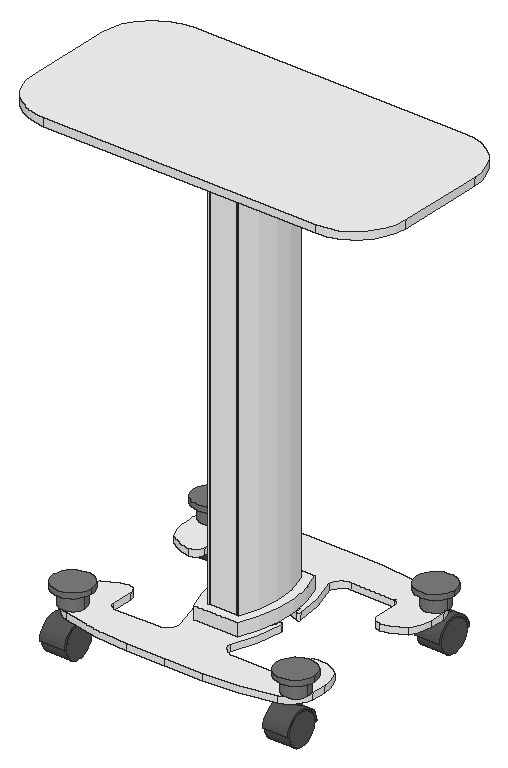
Revit family "Legrand Benelux Snap on Mini Columns", category Installations électriques, Revit 2020
Family settings
  Conserver l'orientation des annotations = Non
  Cote de connecteur circulaire = Utiliser le diamètre
  Type d'élément = Normal
  Basée sur le plan de construction = Non
  Toujours verticalement = Oui
  Couper avec des vides une fois chargée = Non
  Partagée = Non
  Point de calcul de pièce = Non
Parameters (values of type "Roll&Plug 2 cpts 0,68M White")
  Visibility Control Table [instance] = and(Shelf, not([4 CPT]))  # yes
  Visibility Control Stand [instance] = and(or(Feet, Visibility Control Casters), not(Black), not([4 CPT]))  # yes
  Visibility Control Casters [instance] = and(Casters option, not(Black), not([4 CPT]))  # yes
  Séparateur = if([4 CPT], 125 mm, 34.7 mm)  # 34.7 mm
  Standard = "Snap-on-ON"
  Offset [instance] = if(Visibility Control Casters, 68 mm, if(Visibility Control Stand, 10 mm, 0 mm))  # 68 mm
  Number of compartments = "2 compartments"
  Modèle = "LG-653029"
  Matériaux corps = Legrand - Aluminium blanc
  Matériau couvercle = Legrand - Plastique blanc
  Main Material = "Aluminum"
  Longueur = if([1 CPT], 82 mm, 125 mm)  # 125 mm
  Largeur = if([4 CPT], 125 mm, 75 mm)  # 75 mm
  Shelf [instance] = yes
  Finishing = "White"
  Feet [instance] = yes
  Casters option [instance] = yes
  H1 = 680 mm
  HC = H1 - 40 mm  # 640 mm
  Fabricant = "LEGRAND"
  Elévation par défaut = 0 mm
  Description = "roll and plug 2 cpts 0,68m White table foot wheels 6pc+e fs dble usb 4m p cable"
  Column stand = Movable feet : Foot for mini Column White
  Black = no
  4 CPT = no
  2 CPT = yes
  1 CPT = no
Types (19, lengths in mm): name | Visibility Control Table | Visibility Control Stand | Visibility Control Casters | Séparateur | Offset | Number of compartments | Modèle | Matériaux corps | Matériau couvercle | Main Material | Longueur | Largeur | Shelf | Finishing | Feet | Casters option | H1 | HC | Description | Column stand | Black | 4 CPT | 2 CPT | 1 CPT
  Column 1 cpt CV45 0,30M White | no | no | no | 34.7 | 0 | "1 compartment" | "LG-653000" | Legrand - Aluminium blanc | Legrand - Plastique blanc | "Aluminum" | 82 | 75 | no | "White" | no | no | 300 | 260 | "mini Column direct clipping 1 compartment 0,30m White" | Movable feet : Foot for mini Column White | no | no | no | yes
  Column 1 cpt CV45 0,30M Alu | no | no | no | 34.7 | 0 | "1 compartment" | "LG-653001" | Legrand - Aluminium gris | Legrand - Plastique gris | "Aluminum" | 82 | 75 | no | "Aluminum" | no | no | 300 | 260 | "mini Column direct clipping 1 compartment 0,30m Aluminium" | Movable feet : Foot for mini Column Alu | no | no | no | yes
  Column 1 cpt CV45 0,30M Black | no | no | no | 34.7 | 0 | "1 compartment" | "LG-653002" | Legrand - Aluminium noir | Legrand - Plastique noir | "Aluminum" | 82 | 75 | no | "Black" | no | no | 300 | 260 | "mini Column direct clipping 1 compartment 0,30m Black" | Shelf : Table for mini Column T1/2 | yes | no | no | yes
  Column 1 cpt CV45 0,68M White | no | no | no | 34.7 | 0 | "1 compartment" | "LG-653003" | Legrand - Aluminium blanc | Legrand - Plastique blanc | "Aluminum" | 82 | 75 | no | "White" | no | no | 680 | 640 | "mini Column direct clipping 1 compartment 0,68m White" | Movable feet : Foot for mini Column White | no | no | no | yes
  Column 1 cpt CV45 0,68M Alu | no | no | no | 34.7 | 0 | "1 compartment" | "LG-653004" | Legrand - Aluminium gris | Legrand - Plastique gris | "Aluminum" | 82 | 75 | no | "Aluminum" | no | no | 680 | 640 | "mini Column direct clipping 1 compartment 0,68m Aluminium" | Movable feet : Foot for mini Column Alu | no | no | no | yes
  Column 1 cpt CV45 0,68M Black | no | no | no | 34.7 | 0 | "1 compartment" | "LG-653005" | Legrand - Aluminium noir | Legrand - Plastique noir | "Aluminum" | 82 | 75 | no | "Black" | no | no | 680 | 640 | "mini Column direct clipping 1 compartment 0,68m Black" | Shelf : Table for mini Column T1/2 | yes | no | no | yes
  Column 2 cpts CV45 0,3M White | no | no | no | 34.7 | 0 | "2 compartments" | "LG-653020" | Legrand - Plastique blanc | Legrand - Plastique blanc | "Plastic" | 125 | 75 | no | "White" | no | no | 300 | 260 | "mini Column direct clipping 2 compartments 0,30m White" | Movable feet : Foot for mini Column White | no | no | yes | no
  Column 2 cpts CV45 0,3M Alu | no | no | no | 34.7 | 0 | "2 compartments" | "LG-653021" | Legrand - Aluminium gris | Legrand - Plastique gris | "Aluminum" | 125 | 75 | no | "Aluminum" | no | no | 300 | 260 | "mini Column direct clipping 2 compartments 0,30m Aluminium" | Movable feet : Foot for mini Column Alu | no | no | yes | no
  Column 2 cpts CV45 0,3M Black | no | no | no | 34.7 | 0 | "2 compartments" | "LG-653022" | Legrand - Aluminium noir | Legrand - Plastique noir | "Aluminum" | 125 | 75 | no | "Black" | no | no | 300 | 260 | "mini Column direct clipping 2 compartments 0,30m Black" | Shelf : Table for mini Column T1/2 | yes | no | yes | no
  Column 2 cpts 45 0,68M White | no | no | no | 34.7 | 0 | "2 compartments" | "LG-653023" | Legrand - Aluminium blanc | Legrand - Plastique blanc | "Aluminum" | 125 | 75 | no | "White" | no | no | 380 | 340 | "mini Column direct clipping 2 compartments 0,68m White" | Movable feet : Foot for mini Column White | no | no | yes | no
  Column 2 cpts CV45 0,68M Alu | no | no | no | 34.7 | 0 | "2 compartments" | "LG-653024" | Legrand - Aluminium gris | Legrand - Plastique gris | "Aluminum" | 125 | 75 | no | "Aluminum" | no | no | 680 | 640 | "mini Column direct clipping 2 compartments 0,68m Aluminium" | Movable feet : Foot for mini Column Alu | no | no | yes | no
  Column 2 cpts CV45 0,68M Black | no | no | no | 34.7 | 0 | "2 compartments" | "LG-653025" | Legrand - Aluminium noir | Legrand - Plastique noir | "Aluminum" | 125 | 75 | no | "Black" | no | no | 680 | 640 | "mini Column direct clipping 2 compartments 0,68m Black" | Shelf : Table for mini Column T1/2 | yes | no | yes | no
  Column 4 cpts 45 0,30M White | no | no | no | 125 | 0 | "4 compartments" | "LG-653040" | Legrand - Aluminium blanc | Legrand - Plastique blanc | "Aluminum" | 125 | 125 | no | "White" | no | no | 300 | 260 | "mini Column direct clipping 4 compartments 0,30m White" | Movable feet : Foot for mini Column White | no | yes | no | no
  Column 4 cpts CV45 0,30M Alu | no | no | no | 125 | 0 | "4 compartments" | "LG-653041" | Legrand - Aluminium gris | Legrand - Plastique gris | "Aluminum" | 125 | 125 | no | "Aluminum" | no | no | 300 | 260 | "mini Column direct clipping 4 compartments 0,30m Aluminium" | Movable feet : Foot for mini Column Alu | no | yes | no | no
  Column 4 cpts CV45 0,30M Black | no | no | no | 125 | 0 | "4 compartments" | "LG-653042" | Legrand - Aluminium noir | Legrand - Plastique noir | "Aluminum" | 125 | 125 | no | "Black" | no | no | 300 | 260 | "mini Column direct clipping 4 compartments 0,30m Black" | Shelf : Table for mini Column T1/2 | yes | yes | no | no
  Column 4 cpts CV45 0,68M Black | no | no | no | 125 | 0 | "4 compartments" | "LG-653045" | Legrand - Aluminium noir | Legrand - Plastique noir | "Aluminum" | 125 | 125 | no | "Black" | no | no | 680 | 640 | "mini Column direct clipping 4 compartments 0,68m Black" | Shelf : Table for mini Column T1/2 | yes | yes | no | no
  Column 4 cpts CV45 0,68M Alu | no | no | no | 125 | 0 | "4 compartments" | "LG-653044" | Legrand - Aluminium gris | Legrand - Plastique gris | "Aluminum" | 125 | 125 | no | "Aluminum" | no | no | 680 | 640 | "mini Column direct clipping 4 compartments 0,68m Aluminium" | Movable feet : Foot for mini Column Alu | no | yes | no | no
  Column 4 cpts 45 0,68M White | no | no | no | 125 | 0 | "4 compartments" | "LG-653043" | Legrand - Aluminium blanc | Legrand - Plastique blanc | "Aluminum" | 125 | 125 | no | "White" | no | no | 680 | 640 | "mini Column direct clipping 4 compartments 0,68m White" | Movable feet : Foot for mini Column White | no | yes | no | no
  Roll&Plug 2 cpts 0,68M White | yes | yes | yes | 34.7 | 68 | "2 compartments" | "LG-653029" | Legrand - Aluminium blanc | Legrand - Plastique blanc | "Aluminum" | 125 | 75 | yes | "White" | yes | yes | 680 | 640 | "roll and plug 2 cpts 0,68m White table foot wheels 6pc+e fs dble usb 4m p cable" | Movable feet : Foot for mini Column White | no | no | yes | no
Reference planes
  plane 1 "Centre (avant/arrière)": y = 0
  plane 2: z = 68
  plane 3 "Centre (gauche/droite)": x = 0
  plane 4: z = 748
  plane 5: x = 37.5
  plane 6: x = -37.5
  plane 7: y = 62.5
  plane 8: y = -62.5
  plane 9: x = -22.539
  plane 10: x = 22.539
  plane 11 "Bas Corps": z = 88
  plane 12 "Haut corps": z = 728
  plane 13: z = 0
  plane 14 "Connecteur": z = 408
Forms (mm)
  Extrusion 1, solid, material "Legrand - Aluminium blanc" <- "Matériaux corps"
    sketch origin (0, 0, 88) x (-1, 0, 0) y (0, -1, 0)
      loop
        arc (25.639, -62.5) -> (37.5, 0) -> (25.639, 62.5) r 170.6
        line (25.639, 62.5) -> (22.539, 62.5) -> (22.539, 17.358) -> (2.539, 17.358) -> (2.539, -17.358) -> (22.539, -17.358) -> (22.539, -62.5) -> (25.639, -62.5)
      loop
        arc (-25.639, 62.5) -> (-37.5, 0) -> (-25.639, -62.5) r 170.6
        line (-25.639, -62.5) -> (-22.539, -62.5) -> (-22.539, -17.358) -> (-2.539, -17.358) -> (-2.539, 17.358) -> (-22.539, 17.358) -> (-22.539, 62.5) -> (-25.639, 62.5)
    from 0 to 640 <- "HC"
  Extrusion 2, solid, material "Legrand - Aluminium blanc" <- "Matériaux corps"
    sketch origin (0, 0, 88) x (-1, 0, 0) y (0, -1, 0)
      loop
        line (2.55, -17.35) -> (2.55, 17.35) -> (-2.55, 17.35) -> (-2.55, -17.35) -> (2.55, -17.35)
    from 0 to 640 <- "HC"
  Extrusion 3, solid, material "Legrand - Plastique blanc" <- "Matériau couvercle"
    sketch origin (0, 0, 0) x (1, 0, 0) y (0, 1, 0)
      loop
        arc (-35.545, 77.5) -> (-52.5, 0) -> (-35.545, -77.5) r 185.6
        line (-35.545, -77.5) -> (35.545, -77.5)
        arc (35.545, -77.5) -> (52.5, 0) -> (35.545, 77.5) r 185.6
        line (35.545, 77.5) -> (-35.545, 77.5)
    from 68 to 88
  Extrusion 4, solid, material "Legrand - Plastique blanc" <- "Matériau couvercle"
    sketch origin (0, 0, 728) x (-1, 0, 0) y (0, -1, 0)
      loop
        arc (26.995, -64.5) -> (39.5, 0) -> (26.995, 64.5) r 172.6
        line (26.995, 64.5) -> (-26.995, 64.5)
        arc (-26.995, 64.5) -> (-39.5, 0) -> (-26.995, -64.5) r 172.6
        line (-26.995, -64.5) -> (26.995, -64.5)
    from 0 to 20
Cuts and joins
  joined: Extrusion 1, Extrusion 2
Dimensions and locks
  "H1": plane 4 to plane 2
  equal spacing: plane 7, plane 1 "Centre (avant/arrière)", plane 8
  equal spacing: plane 6, plane 3 "Centre (gauche/droite)", plane 5
  "Largeur": plane 6 to plane 5
  "Longueur": plane 7 to plane 8
  locked: plane 6 to plane 9 at 14.961
  locked: plane 10 to plane 5 at 14.961
  locked: Extrusion 1 sketch curve to plane 9 at 14.961
  locked: plane 10 to Extrusion 1 sketch curve at 14.961
  Extrusion 1 sketch curve to plane 1 "Centre (avant/arrière)" to Extrusion 1 sketch curve = 17.358 mm locked, 17.358 mm locked
  equal spacing: Extrusion 2 sketch curve, plane 3 "Centre (gauche/droite)", Extrusion 2 sketch curve
  equal spacing: Extrusion 2 sketch curve, plane 1 "Centre (avant/arrière)", Extrusion 2 sketch curve
  "Séparateur": Extrusion 2 sketch curve to Extrusion 2 sketch curve
  locked: Extrusion 2 sketch curve to Extrusion 2 sketch curve at 5.1
  locked: plane 11 "Bas Corps" to plane 2 at 20
  locked: plane 4 to plane 12 "Haut corps" at 20
  locked: Extrusion 3 sketch curve to plane 6 at 15
  Extrusion 3 sketch curve to plane 7 = 15 mm
  locked: Extrusion 3 sketch curve to plane 8 at 15
  locked: plane 5 to Extrusion 3 sketch curve at 15
  locked: Extrusion 4 sketch curve to plane 6 at 2
  locked: plane 5 to Extrusion 4 sketch curve at 2
  locked: Extrusion 4 sketch curve to plane 7 at 2
  locked: plane 8 to Extrusion 4 sketch curve at 2
  "Offset": plane 2 to plane 13
  equal spacing: plane 4, plane 14 "Connecteur", plane 2
  radius of Extrusion 1 sketch curve = 170.6 mm  (x2)
  radius of Extrusion 3 sketch curve = 185.6 mm  (x2)
  radius of Extrusion 4 sketch curve = 172.6 mm  (x2)
  aligned and locked: Extrusion 1 sketch curve to plane 7  (x2)
  aligned and locked: plane 8 to Extrusion 1 sketch curve  (x2)
  aligned and locked: plane 9 to Extrusion 1 sketch curve
  aligned and locked: plane 10 to Extrusion 1 sketch curve
  aligned and locked: nested 1 to Extrusion 1
  aligned and locked: nested 1 to plane 7
  aligned and locked: Extrusion 1 to nested 1
  aligned and locked: nested 2 to plane 7
  aligned and locked: nested 2 to Extrusion 1  (x2)
  aligned and locked: nested 3 to Extrusion 1  (x2)
  aligned and locked: plane 8 to nested 3
  aligned and locked: plane 8 to nested 4
  aligned and locked: nested 4 to Extrusion 1
  aligned and locked: nested 4 to nested 3
  aligned and locked: nested 4 to plane 11 "Bas Corps"
  aligned and locked: nested 3 to plane 11 "Bas Corps"
  aligned and locked: nested 2 to plane 11 "Bas Corps"
  aligned and locked: nested 1 to plane 11 "Bas Corps"
  aligned and locked: plane 11 "Bas Corps" to Extrusion 3
  aligned and locked: plane 4 to Extrusion 4
  aligned and locked: Extrusion 3 to plane 2
  aligned and locked: level to plane 13
Automatic sketch dimensions
  Extrusion 1 sketch curve to plane 10 = 0 mm
  Extrusion 1 sketch curve to plane 9 = 0 mm
  plane 1 "Centre (avant/arrière)" to Extrusion 1 sketch curve = 0 mm  (x2)
  plane 3 "Centre (gauche/droite)" to Extrusion 1 sketch curve = 2.539 mm
  Extrusion 1 sketch curve to plane 3 "Centre (gauche/droite)" = 2.539 mm
  Extrusion 1 sketch curve to plane 1 "Centre (avant/arrière)" = 17.358 mm
  plane 1 "Centre (avant/arrière)" to Extrusion 1 sketch curve = 17.358 mm
  plane 1 "Centre (avant/arrière)" to Extrusion 3 sketch curve = 0 mm  (x2)
  plane 1 "Centre (avant/arrière)" to Extrusion 4 sketch curve = 0 mm  (x2)
Nested families
  nested 1: "Column cover" at (-22.539, 62.5, 88), H1 <- "HC", Matériau <- "Matériau couvercle", type "Column cover"
    with Matériau Legrand - Plastique blanc, L1 45.142 mm, H1 640 mm
  nested 2: "Column cover" at (-22.461, 62.5, 88), visible <- "4 CPT", H1 <- "HC", Matériau <- "Matériau couvercle", type "Column cover"
    with Matériau Legrand - Plastique blanc, L1 45.142 mm, H1 640 mm
  nested 3: "Column cover" at (-22.461, -17.358, 88), visible <- "4 CPT", H1 <- "HC", Matériau <- "Matériau couvercle", type "Column cover"
    with Matériau Legrand - Plastique blanc, L1 45.142 mm, H1 640 mm
  nested 4: "Column cover" at (-22.539, -17.358, 88), H1 <- "HC", Matériau <- "Matériau couvercle", type "Column cover"
    with Matériau Legrand - Plastique blanc, L1 45.142 mm, H1 640 mm
  nested 5: "Shelf" at (0, 0, 748), visible <- "Visibility Control Table", type "Table for mini Column T1/2"
  nested 6: "Movable feet" at (0.11, -0.11, 68) x (0, -1, 0) z (0, 0, -1), type <- "Column stand", visible <- "Visibility Control Stand", type "Foot for mini Column White"
  nested 7: "Caster" at (-180.073, -153.848, 0) x (-1, 0, 0) z (0, 0, 1), visible <- "Visibility Control Casters", type "4 wheels with cable holder"
  nested 8: "Caster" at (180.073, -153.848, 0) x (-1, 0, 0) z (0, 0, 1), visible <- "Visibility Control Casters", type "4 wheels with cable holder"
  nested 9: "Caster" at (-180.073, 153.629, 0) x (-1, 0, 0) z (0, 0, 1), visible <- "Visibility Control Casters", type "4 wheels with cable holder"
  nested 10: "Caster" at (180.073, 153.629, 0) x (-1, 0, 0) z (0, 0, 1), visible <- "Visibility Control Casters", type "4 wheels with cable holder"
Connectors
  electrical at (0, 0, 408)
    settings: index 1, voltage 0 V, apparent load 0 VA, apparent load phase1 0 VA, apparent load phase2 0 VA, apparent load phase3 0 VA, power factor 1, load classification "Autre", number of poles 1, system type 31, power factor state 1, is connector primary yes, connector utility no, sub classification motor no, connector description ""
Definition of nested family "Column cover"
  Parameters (values of type "IDS_COLUMN_COVER")
    Matériau [instance] = none
    L1 [instance] = 187.766 mm
    H1 [instance] = 2660 mm
    Default Elevation = 0 mm
  Reference planes
    plane 1 "Centre (avant/arrière)": y = 0
    plane 2: z = 0
    plane 3 "Centre (gauche/droite)": x = 0
    plane 4: x = 45
    plane 5: y = -187.766
    plane 6: z = 2660
  Forms (mm)
    Extrusion 1, solid, material <- "Matériau"
      sketch origin (0, 0, 0) x (1, 0, 0) y (0, 1, 0)
        loop
          line (0, 0) -> (0, -187.766) -> (45, -187.766) -> (45, 0) -> (0, 0)
      from 0 to 2660
  Dimensions and locks
    plane 3 "Centre (gauche/droite)" to plane 4 = 45 mm
    "L1": plane 5 to plane 1 "Centre (avant/arrière)"
    "H1": plane 6 to plane 2
    aligned and locked: level to plane 2
    aligned and locked: plane 6 to Extrusion 1
  Automatic sketch dimensions
    Extrusion 1 sketch curve to plane 3 "Centre (gauche/droite)" = 0 mm
    Extrusion 1 sketch curve to plane 4 = 0 mm
    Extrusion 1 sketch curve to plane 5 = 0 mm
    plane 1 "Centre (avant/arrière)" to Extrusion 1 sketch curve = 0 mm
Definition of nested family "Shelf"
  Parameters (values of type "IDS_653084")
    Model = "LG-653084"
    Manufacturer = "LEGRAND"
    Default Elevation = 1219.2 mm
    Description = "IDS_DESCRITPION_LG-653084"
  Reference planes
    plane 1 "Centre (avant/arrière)": y = 0
    plane 2: z = 0
    plane 3 "Centre (gauche/droite)": x = 0
  Forms (mm)
    Extrusion 1, solid
      sketch origin (0, 0, 0) x (1, 0, 0) y (0, 1, 0)
        loop
          line (-1219.2, 1219.2) -> (-1219.2, -1219.2) -> (1219.2, -1219.2) -> (1219.2, 1219.2) -> (-1219.2, 1219.2)
      from 0 to -304.8
    Extrusion 2, solid
      sketch origin (0, 0, 0) x (1, 0, 0) y (0, 1, 0)
        loop
          arc (-220, 150) -> (-276.569, 126.569) -> (-300, 70) r 80
          line (-300, 70) -> (-300, -70)
          arc (-300, -70) -> (-276.569, -126.569) -> (-220, -150) r 80
          line (-220, -150) -> (220, -150)
          arc (220, -150) -> (276.569, -126.569) -> (300, -70) r 80
          line (300, -70) -> (300, 70)
          arc (300, 70) -> (276.569, 126.569) -> (220, 150) r 80
          line (220, 150) -> (-220, 150)
      from 0 to 12
  Dimensions and locks
    Extrusion 2 to Extrusion 2 = 600 mm
    Extrusion 2 to Extrusion 2 = 300 mm
    aligned and locked: plane 2 to Extrusion 1
    aligned and locked: level to Extrusion 1
Definition of nested family "Movable feet"
  Parameters (values of type "IDS_653087")
    Materiau = none
    Default Elevation = 1219.2 mm
  Types (3): name
    (no name)
    IDS_653086
    IDS_653087
  Reference planes
    plane 1 "Centre (avant/arrière)": y = 0
    plane 2: z = 0
    plane 3 "Centre (gauche/droite)": x = 0
    plane 4: y = -200
    plane 5: y = 200
    plane 6: x = -180
    plane 7: x = 180
  Forms (mm)
    Extrusion 1, solid
      sketch origin (0, 0, 0) x (1, 0, 0) y (0, 1, 0)
        loop
          line (-1219.2, 1219.2) -> (-1219.2, -1219.2) -> (1219.2, -1219.2) -> (1219.2, 1219.2) -> (-1219.2, 1219.2)
      from 0 to -304.8
    Extrusion 2, solid, material <- "Materiau"
      sketch origin (0, 0, 0) x (1, 0, 0) y (0, 1, 0)
        loop
          line (-180, 0) -> (-180, -61.189)
          arc (-180, -61.189) -> (-175.417, -115.996) -> (-165, -170) r 513.701
          arc (-165, -170) -> (-153.071, -189.987) -> (-132.058, -200) r 40.162
          line (-132.058, -200) -> (-107.825, -200)
          arc (-107.825, -200) -> (-90.864, -196.802) -> (-75, -190) r 79.091
          arc (-75, -190) -> (-65.429, -173.295) -> (-60.467, -154.692) r 74.359
          arc (-60.467, -154.692) -> (-64.771, -144.303) -> (-75.16, -140) r 14.692
          line (-75.16, -140) -> (-110, -140)
          arc (-110, -140) -> (-117.071, -137.071) -> (-120, -130) r 10
          line (-120, -130) -> (-120, -60.561)
          arc (-120, -60.561) -> (-114.142, -46.419) -> (-100, -40.561) r 20
          arc (-100, -40.561) -> (-60.66, -53.386) -> (-19.784, -59.807) r 260
          arc (-19.784, -59.807) -> (-16.958, -58.636) -> (-16.06, -55.711) r 3.591
          line (-16.06, -55.711) -> (-31.638, -12.913)
          arc (-31.638, -12.913) -> (-29.417, -0.22) -> (-17.905, 5.568) r 14.343
          line (-17.905, 5.568) -> (17.905, 5.568)
          arc (17.905, 5.568) -> (29.417, -0.22) -> (31.638, -12.913) r 14.343
          line (31.638, -12.913) -> (16.06, -55.711)
          arc (16.06, -55.711) -> (16.958, -58.636) -> (19.784, -59.807) r 3.591
          arc (19.784, -59.807) -> (60.66, -53.386) -> (100, -40.561) r 260
          arc (100, -40.561) -> (114.142, -46.419) -> (120, -60.561) r 20
          line (120, -60.561) -> (120, -130)
          arc (120, -130) -> (117.071, -137.071) -> (110, -140) r 10
          line (110, -140) -> (75.16, -140)
          arc (75.16, -140) -> (64.771, -144.303) -> (60.467, -154.692) r 14.692
          arc (60.467, -154.692) -> (65.429, -173.295) -> (75, -190) r 74.359
          arc (75, -190) -> (90.864, -196.802) -> (107.825, -200) r 79.091
          line (107.825, -200) -> (132.058, -200)
          arc (132.058, -200) -> (153.071, -189.987) -> (165, -170) r 40.162
          arc (165, -170) -> (175.417, -115.996) -> (180, -61.189) r 513.701
          line (180, -61.189) -> (180, 0) -> (180, 61.189)
          arc (180, 61.189) -> (175.417, 115.996) -> (165, 170) r 513.701
          arc (165, 170) -> (148.307, 193.71) -> (120, 200) r 40.162
          arc (120, 200) -> (96.755, 198.351) -> (75, 190) r 79.091
          arc (75, 190) -> (65.429, 173.295) -> (60.467, 154.692) r 74.359
          arc (60.467, 154.692) -> (64.771, 144.303) -> (75.16, 140) r 14.692
          line (75.16, 140) -> (110, 140)
          arc (110, 140) -> (117.071, 137.071) -> (120, 130) r 10
          line (120, 130) -> (120, 60.561)
          arc (120, 60.561) -> (114.142, 46.419) -> (100, 40.561) r 20
          arc (100, 40.561) -> (0, 60.561) -> (-100, 40.561) r 260
          arc (-100, 40.561) -> (-114.142, 46.419) -> (-120, 60.561) r 20
          line (-120, 60.561) -> (-120, 130)
          arc (-120, 130) -> (-117.071, 137.071) -> (-110, 140) r 10
          line (-110, 140) -> (-75.16, 140)
          arc (-75.16, 140) -> (-64.771, 144.303) -> (-60.467, 154.692) r 14.692
          arc (-60.467, 154.692) -> (-65.429, 173.295) -> (-75, 190) r 74.359
          arc (-75, 190) -> (-96.755, 198.351) -> (-120, 200) r 79.091
          arc (-120, 200) -> (-148.307, 193.71) -> (-165, 170) r 40.162
          arc (-165, 170) -> (-175.417, 115.996) -> (-180, 61.189) r 513.701
          line (-180, 61.189) -> (-180, 0)
      from 0 to 10
    Extrusion 3, void
      sketch origin (0, 0, 0) x (1, 0, 0) y (0, 1, 0)
        loop
          circle (141.373, -180.262) r 5
        loop
          circle (-141.373, -180.262) r 5
        loop
          circle (141.373, 180.262) r 5
        loop
          circle (-141.373, 180.262) r 5
      from 0 to 10
    Extrusion 4, void
      sketch origin (0, 0, 0) x (1, 0, 0) y (0, 1, 0)
        loop
          circle (-24.029, -51.565) r 2.527
        loop
          circle (24.029, -51.565) r 2.527
        loop
          circle (-29.084, 51.565) r 2.527
        loop
          circle (29.084, 51.565) r 2.527
      from 0 to 10
  Cuts and joins
    Extrusion 3, Extrusion 4 cuts Extrusion 2
  Dimensions and locks
    plane 5 to plane 4 = 400 mm
    plane 6 to plane 7 = 360 mm
    aligned and locked: plane 2 to Extrusion 1
    aligned and locked: level to Extrusion 1
Definition of nested family "Caster"
  Parameters (values of type "Roulette")
    Model = "LG-653088"
    Manufacturer = "LEGRAND"
    Default Elevation = 0 mm
    Description = "IDS_DESCRITPION_LG-653088"
  Reference planes
    plane 1 "Centre (avant/arrière)": y = 0
    plane 2: z = 0
    plane 3 "Centre (gauche/droite)": x = 0
  Forms (mm)
    Extrusion 1, solid
      sketch origin (0, 167.844, 41.5) x (0, 1, 0) y (0, 0, 1)
        loop
          circle (-167.847, -16.5) r 25
      from -20 to 20
    Sweep 2, solid
      path origin (0, 167.844, 43.862) x (0, 1, 0) y (0, 0, 1)
        loop
          arc (-140.847, -18.5) -> (-167.847, 8.5) -> (-194.847, -18.5) r 27
      profile origin (0, -0.003, 52.362) x (0, 0, -1) y (1, 0, 0)
        loop
          line (0, -20) -> (0, 20) -> (-2, 20) -> (-2, -20) -> (0, -20)
    Extrusion 3, solid
      sketch origin (134.69, 165.347, 0) x (1, 0, 0) y (0, 1, 0)
        loop
          circle (-134.69, -177.847) r 8
      from 39.162 to 68
    Extrusion 4, solid
      sketch origin (134.69, 155.347, 28) x (1, 0, 0) y (0, 1, 0)
        loop
          circle (-134.69, -167.847) r 20
      from 40 to 64
    Extrusion 5, solid
      sketch origin (134.69, 155.347, 40) x (1, 0, 0) y (0, 1, 0)
        loop
          circle (-134.69, -167.847) r 30
      from 52 to 60
  Dimensions and locks
    aligned and locked: level to plane 2
